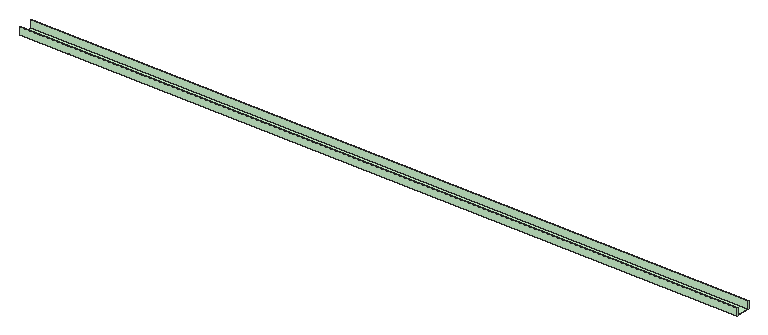
Revit family "SQ-ランナー75", category 機械設備, Revit 2020
Family settings
  丸型コネクタ寸法 = 直径を使用
  種別 = なし
  パーツ タイプ = 標準
  作業面ベース = いいえ
  常に垂直 = はい
  ロード時にボイドで切り取り = いいえ
  共有 = いいえ
  部屋計算ポイント = いいえ
Parameters
  製造元 = "株式会社桐井製作所"
  既定の高さ = 0 mm
  URL = "https://www.kirii.co.jp/"
  K_長さ(mm) [instance] = 4000 mm
  K_材質 = "SGCC　一般用"
  K_外形寸法(mm) = "77×40×40"
  K_品名 = "SQ-ランナー75"
  K_名称 = "角型スタッド用ランナー"
  K_バージョン情報 = "20210524"
  K_めっき付着量 = "Z08"
  K_JIS規格 = "JIS G 3302"
Reference planes
  plane 1 "中心(正面/背面)": y = 0
  plane 2: z = 0
  plane 3 "中心(左/右)": x = 0
  plane 4: x = 4000
  plane 5: y = 38.5
  plane 6: y = -38.5
Forms (mm)
  Extrusion 1, solid
    sketch origin (0, 0, 0) x (0, 1, 0) y (0, 0, 1)
      loop
        line (-38.5, 0) -> (38.5, 0) -> (38.5, 40) -> (37.7, 40) -> (37.7, 0.8) -> (-37.7, 0.8) -> (-37.7, 40) -> (-38.5, 40) -> (-38.5, 0)
    from 0 to 4000
Dimensions and locks
  "K_長さ(mm)": plane 3 "中心(左/右)" to plane 4
  aligned and locked: level to plane 2
  aligned and locked: plane 4 to Extrusion 1
  aligned and locked: Extrusion 1 to plane 4
Automatic sketch dimensions
  Extrusion 1 sketch curve to level = 0 mm
  Extrusion 1 sketch curve to plane 6 = 0 mm
  Extrusion 1 sketch curve to Extrusion 1 sketch curve = 0.8 mm
  level to Extrusion 1 sketch curve = 0.8 mm
  Extrusion 1 sketch curve to Extrusion 1 sketch curve = 39.2 mm  (x2)
  Extrusion 1 sketch curve to plane 5 = 0 mm
  Extrusion 1 sketch curve to plane 5 = 0.8 mm
